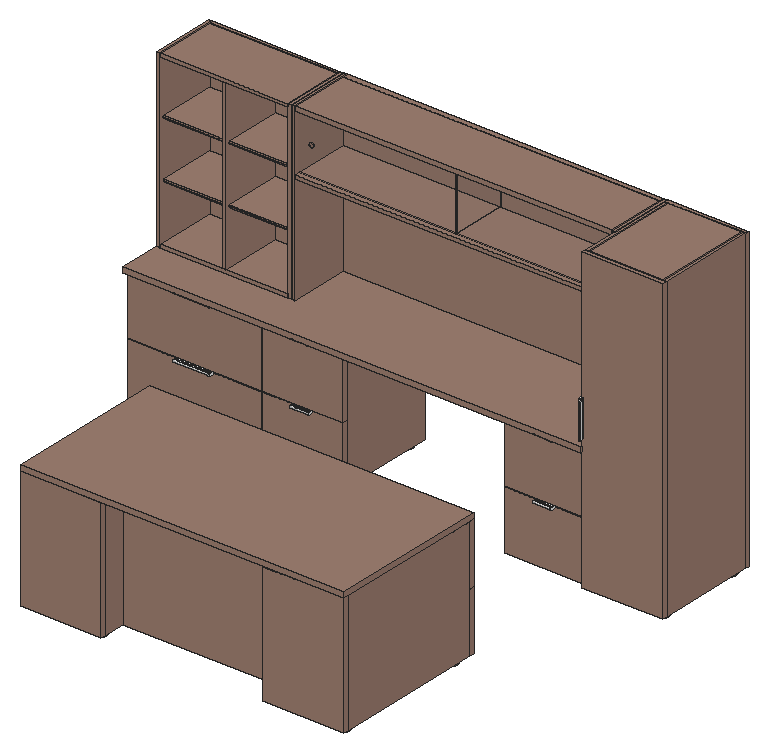
Revit family "APTOS TYPICAL APTOS001", category Furniture, Revit 2013
Parameters (values of type "APTOS001")
  URL = "http://ofsbrands.com"
  Model = "APTOS001"
  Manufacturer = "OFS"
  Description = "OFS BRANDS OFS APTOS TYPICAL APTOS001"
  Copyright © = "© OFS BRANDS 2017"
  Catalog = "APTOS http://ofsbrands.com/products/casegoods/private-office/aptos"
  Authoring Version = "Autodesk Revit Architecture 2013"
  Assembly Code = "E2020200"
Reference planes (in)
  plane 1 "Center (Front/Back)": y = 0
  plane 2: z = 0
  plane 3 "Center (Left/Right)": x = 0
Dimensions and locks (in)
  aligned and locked: level to plane 2
Nested families (in)
  nested 1: "APTOS DOUBLE PEDESTAL DESK BREAKFRONT" at (5.9318, -83.875, 0) x (-1, 0, 0) z (0, 0, 1), type "APTOS DOUBLE PEDESTAL DESK BREAKFRONT 72IN Width, 36IN Depth"
  nested 2: "APTOS MODULAR CABINET TOP" at (-9.0682, 12, 0), type "APTOS MODULAR CABINET TOP 102" x 24""
  nested 3: "APTOS WORKSURFACE HEIGHT MODULAR PEDESTAL BOX-BOX-FILE" at (32.9318, 0, 0), type "APTOS WORKSURFACE HEIGHT MODULAR PEDESTAL BOX-BOX-FILE 18W x 24D"
  nested 4: "APTOS WORKSURFACE HEIGHT MODULAR PEDESTAL FILE-FILE 15-18IN" at (-21.0682, 0, 0), type "APTOS WORKSURFACE HEIGHT MODULAR PEDESTAL FILE-FILE 18W x 24D"
  nested 5: "APTOS WORKSURFACE HEIGHT MODULAR PEDESTAL FILE-FILE 30-36IN" at (-45.0682, 0, 0), type "APTOS WORKSURFACE HEIGHT MODULAR PEDESTAL FILE-FILE 30W x 24D"
  nested 6: "APTOS OPEN WORKSURFACE CABINET Center Divider Four Shelves" at (-45.0682, 0, 0), type "APTOS OPEN WORKSURFACE CABINET Center Divider Four Shelves, 30" Wide"
  nested 7: "APTOS TALL STORAGE WITH HINGED DOOR 24IN DEPTH" at (50.93675, 0, 0), type "APTOS TALL STORAGE WITH HINGED DOOR 18" Wide 24" Planning Depth Single Hinged Door Right"
  nested 8: "APTOS HIGHBACK ORGANIZER WITH SLIDING GLASS DOORS Two Sliding Glass Doors" at (5.9318, 0, 0), type "APTOS HIGHBACK ORGANIZER WITH SLIDING GLASS DOORS 72" WIDTH Two Sliding Glass Doors"
    with Tackboard-Toolrail-Tackboard Option no
Definition of nested family "APTOS DOUBLE PEDESTAL DESK BREAKFRONT"
  Parameters (values of type "APTOS DOUBLE PEDESTAL DESK BREAKFRONT 84IN Width, 36IN Depth")
    Width = 84"
    URL = "http://ofsbrands.com"
    Top Posterior Offset = 6"
    Shelf Height = 13 3/16"
    File Module Size = 17 5/8"
    Handle Lenght R = 4 1/8"
    Handle Lenght L = 4 1/8"
    Drawer Gap = 1/8"
    Door Handle Material = OFS BRANDS APTOS Door Handle Material
    Board Thick Top = 1 3/16"
    Board Thick Door = 1 1/8"
    Depth = 36"
    Board Material = OFS BRANDS APTOS Board Material
    Model = "34-8436DPFT"
    Manufacturer = "OFS"
    Leg Caps Material = OFS BRANDS APTOS Leg Caps Material
    Leg Offset = 2"
    Board Thick Internal = 3/4"
    Height = 29 1/2"
    Description = "OFS BRANDS OFS APTOS DOUBLE PEDESTAL DESK BREAKFRONT 84IN Width, 36IN Depth, Modesty Panel Recessed 5\" Between Pedestals, 18\" Wide Pedestals"
    Copyright © = "© OFS BRANDS 2017"
    Catalog = "APTOS http://ofsbrands.com/products/casegoods/private-office/aptos"
    Bottom Board Offset = 1 1/2"
    Board Thick Bot = 1"
    Board Thick Shelfs = 1"
    Board Thick Sides = 3/4"
    Board Thick Front = 3/4"
    Board Thick Back = 1"
    Authoring Version = "Autodesk Revit Architecture 2013"
    Assembly Code = "E2020200"
  Types (6): name | Width | File Module Size | Depth | Model | Description
    (no name) | 84" | 17 5/8" | 36" | "34-8436DPFT" | "OFS BRANDS OFS APTOS DOUBLE PEDESTAL DESK BREAKFRONT 84IN Width, 36IN Depth, Modesty Panel Recessed 5\" Between Pedestals, 18\" Wide Pedestals"
    APTOS DOUBLE PEDESTAL DESK BREAKFRONT 66IN Width, 30IN Depth | 66" | 14 5/8" | 30" | "34-6630DPFT" | "OFS BRANDS OFS APTOS DOUBLE PEDESTAL DESK BREAKFRONT 66IN Width, 30IN Depth, Modesty Panel Recessed 5\" Between Pedestals, 15\" Wide Pedestals"
    APTOS DOUBLE PEDESTAL DESK BREAKFRONT 66IN Width, 36IN Depth | 66" | 14 5/8" | 36" | "34-6636DPFT" | "OFS BRANDS OFS APTOS DOUBLE PEDESTAL DESK BREAKFRONT 66IN Width, 36IN Depth, Modesty Panel Recessed 5\" Between Pedestals, 15\" Wide Pedestals"
    APTOS DOUBLE PEDESTAL DESK BREAKFRONT 72IN Width, 30IN Depth | 72" | 17 5/8" | 30" | "34-7230DPFT" | "OFS BRANDS OFS APTOS DOUBLE PEDESTAL DESK BREAKFRONT 72IN Width, 30IN Depth, Modesty Panel Recessed 5\" Between Pedestals, 18\" Wide Pedestals"
    APTOS DOUBLE PEDESTAL DESK BREAKFRONT 72IN Width, 36IN Depth | 72" | 17 5/8" | 36" | "34-7236DPFT" | "OFS BRANDS OFS APTOS DOUBLE PEDESTAL DESK BREAKFRONT 72IN Width, 36IN Depth, Modesty Panel Recessed 5\" Between Pedestals, 18\" Wide Pedestals"
    APTOS DOUBLE PEDESTAL DESK BREAKFRONT 84IN Width, 36IN Depth | 84" | 17 5/8" | 36" | "34-8436DPFT" | "OFS BRANDS OFS APTOS DOUBLE PEDESTAL DESK BREAKFRONT 84IN Width, 36IN Depth, Modesty Panel Recessed 5\" Between Pedestals, 18\" Wide Pedestals"
  Reference planes (in)
    plane 1 "Center": y = 0
    plane 2: z = 0
    plane 3 "Center Left/Right": x = 0
    plane 4 "Left End": x = -42
    plane 5 "Front End": y = -28.875
    plane 6 "Right End": x = 42
    plane 7 "Center Front/Back": y = 6
    plane 8 "Height Top": z = 29.5
    plane 9: x = -41.25
    plane 10: x = 41.25
    plane 11: z = 14.6875
    plane 12: z = 15.6875
    plane 13: z = 28.3125
    plane 14: z = 1.5
    plane 15: z = 2.5
    plane 16: y = -28.125
    plane 17: y = 4
    plane 18: y = -26.875
    plane 19: y = -26.875
    plane 20: x = 40
    plane 21: x = 40
    plane 22: x = -40
    plane 23: y = -30
    plane 24: z = 14.8125
    plane 25: x = 33
    plane 26: x = 30.9375
    plane 27: x = 35.0625
    plane 28: y = -1
    plane 29: x = 24.375
    plane 30: x = 24
    plane 31: x = 24.75
    plane 32: x = 24.3125
    plane 33: x = 24.4375
    plane 34: x = 26
    plane 35: x = -24.375
    plane 36: x = -24
    plane 37: x = -24.75
    plane 38: x = -24.3125
    plane 39: x = -24.4375
    plane 40: x = -33
    plane 41: x = -30.9375
    plane 42: x = -35.0625
    plane 43: x = -26
    plane 44: x = -40
    plane 45: y = 5
  Forms (in)
    Extrusion 1, solid, material "OFS BRANDS APTOS Board Material" <- "Board Material"
      sketch origin (0, 0, 0) x (1, 0, 0) y (0, 1, 0)
        loop
          line (-42, 5) -> (-42, -28.875) -> (-41.25, -28.875) -> (-41.25, 5) -> (-42, 5)
      from 1.5 to 28.3125
    Extrusion 2, solid, material "OFS BRANDS APTOS Board Material" <- "Board Material"
      sketch origin (0, 0, 0) x (-1, 0, 0) y (0, -1, 0)
        loop
          line (-42, -5) -> (-41.25, -5) -> (-41.25, 28.875) -> (-42, 28.875) -> (-42, -5)
      from 1.5 to 28.3125
    Extrusion 3, solid, material "OFS BRANDS APTOS Board Material" <- "Board Material"
      sketch origin (0, 0, 0) x (1, 0, 0) y (0, 1, 0)
        loop
          line (24.75, 5) -> (24.75, -28.875) -> (41.25, -28.875) -> (41.25, 5) -> (24.75, 5)
      from 1.5 to 2.5
    Extrusion 4, solid, material "OFS BRANDS APTOS Board Material" <- "Board Material"
      sketch origin (0, 0, 0) x (1, 0, 0) y (0, 1, 0)
        loop
          line (-42, 6) -> (-42, -30) -> (42, -30) -> (42, 6) -> (-42, 6)
      from 28.3125 to 29.5
    Extrusion 5, solid, material "OFS BRANDS APTOS Board Material" <- "Board Material"
      sketch origin (0, 0, 0) x (1, 0, 0) y (0, 1, 0)
        loop
          line (24, 5) -> (24, -28.875) -> (24.75, -28.875) -> (24.75, 5) -> (24, 5)
      from 1.5 to 28.3125
    Extrusion 6, solid, material "OFS BRANDS APTOS Board Material" <- "Board Material"
      sketch origin (0, 27.875, 0) x (1, 0, 0) y (0, 1, 0)
        loop
          line (-24, -27.875) -> (-24, -28.875) -> (24, -28.875) -> (24, -27.875) -> (-24, -27.875)
      from 1.5 to 28.3125
    Extrusion 7, solid, material "OFS BRANDS APTOS Board Material" <- "Board Material"
      sketch origin (-18, 0, 0) x (-1, 0, 0) y (0, -1, 0)
        loop
          line (-42, 28.875) -> (-42, 30) -> (-60, 30) -> (-60, 28.875) -> (-42, 28.875)
      from 14.8125 to 28.3125
    Extrusion 8, solid, material "OFS BRANDS APTOS Board Material" <- "Board Material"
      sketch origin (-18, 0, 0) x (-1, 0, 0) y (0, -1, 0)
        loop
          line (-42, 28.875) -> (-42, 30) -> (-60, 30) -> (-60, 28.875) -> (-42, 28.875)
      from 1.5 to 14.6875
    Extrusion 9, solid, material "OFS BRANDS APTOS Door Handle Material" <- "Door Handle Material"
      sketch origin (-16.91963, 5.64442, 4.60983) x (0, 1, 0) y (0, 0, 1)
        loop
          arc (-36.44863, 23.6997) -> (-36.63506, 23.51326) -> (-36.44863, 23.32683) r 0.18644
          arc (-36.44863, 23.32683) -> (-36.36853, 23.33163) -> (-36.28958, 23.34598) r 0.66994
          arc (-36.28958, 23.34598) -> (-36.06672, 23.37235) -> (-35.84329, 23.35136) r 1.06313
          arc (-35.84329, 23.35136) -> (-35.74437, 23.33542) -> (-35.64442, 23.32859) r 1.09565
          line (-35.64442, 23.32859) -> (-35.64442, 23.70267)
          arc (-35.64442, 23.70267) -> (-35.74808, 23.68819) -> (-35.84998, 23.66424) r 1.13704
          arc (-35.84998, 23.66424) -> (-36.0702, 23.64265) -> (-36.28958, 23.67164) r 0.9681
          arc (-36.28958, 23.67164) -> (-36.36779, 23.69313) -> (-36.44863, 23.6997) r 0.43385
      from 47.85713 to 51.98213
    Extrusion 10, solid, material "OFS BRANDS APTOS Door Handle Material" <- "Door Handle Material"
      sketch origin (-16.91963, 5.64442, -1.95267) x (0, 1, 0) y (0, 0, 1)
        loop
          arc (-36.44863, 16.6372) -> (-36.63506, 16.45076) -> (-36.44863, 16.26433) r 0.18644
          arc (-36.44863, 16.26433) -> (-36.36853, 16.26913) -> (-36.28958, 16.28348) r 0.66994
          arc (-36.28958, 16.28348) -> (-36.06675, 16.31125) -> (-35.84329, 16.28915) r 1.01098
          arc (-35.84329, 16.28915) -> (-35.74439, 16.27301) -> (-35.64442, 16.26609) r 1.08212
          line (-35.64442, 16.26609) -> (-35.64442, 16.64017)
          arc (-35.64442, 16.64017) -> (-35.74475, 16.62561) -> (-35.84329, 16.60174) r 1.08374
          arc (-35.84329, 16.60174) -> (-36.06697, 16.57316) -> (-36.28958, 16.60914) r 0.78757
          arc (-36.28958, 16.60914) -> (-36.36779, 16.63063) -> (-36.44863, 16.6372) r 0.43385
      from 47.85713 to 51.98213
    Revolve 11, solid, material "OFS BRANDS APTOS Leg Caps Material" <- "Leg Caps Material"
      sketch origin (40, -34, 0) x (0, 1, 0) y (0, 0, -1)
        loop
          line (36, -0.28743) -> (36, -1.5) -> (37, -1.5) -> (37, 0) -> (36.5, 0)
          arc (36.5, 0) -> (36.35629, -0.14371) -> (36.5, -0.28743) r 0.14371
          line (36.5, -0.28743) -> (36, -0.28743)
        axis (37, -1.5) -> (37, 0)
      angle from 0 to 360
    Revolve 12, solid, material "OFS BRANDS APTOS Leg Caps Material" <- "Leg Caps Material"
      sketch origin (40, -51.875, 0) x (0, 1, 0) y (0, 0, 1)
        loop
          line (24, 0.28743) -> (24.5, 0.28743)
          arc (24.5, 0.28743) -> (24.35629, 0.14371) -> (24.5, 0) r 0.14371
          line (24.5, 0) -> (25, 0) -> (25, 1.5) -> (24, 1.5) -> (24, 0.28743)
        axis (25, 1.5) -> (25, 0)
      angle from 0 to 360
    Revolve 13, solid, material "OFS BRANDS APTOS Leg Caps Material" <- "Leg Caps Material"
      sketch origin (26, 28, 0) x (0, -1, 0) y (0, 0, 1)
        loop
          line (24, 0.28743) -> (24.5, 0.28743)
          arc (24.5, 0.28743) -> (24.35629, 0.14371) -> (24.5, 0) r 0.14371
          line (24.5, 0) -> (25, 0) -> (25, 1.5) -> (24, 1.5) -> (24, 0.28743)
        axis (25, 1.5) -> (25, 0)
      angle from 0 to 360
    Revolve 14, solid, material "OFS BRANDS APTOS Leg Caps Material" <- "Leg Caps Material"
      sketch origin (26, 13.125, 0) x (0, -1, 0) y (0, 0, -1)
        loop
          line (39, -0.28743) -> (39, -1.5) -> (40, -1.5) -> (40, 0) -> (39.5, 0)
          arc (39.5, 0) -> (39.35629, -0.14371) -> (39.5, -0.28743) r 0.14371
          line (39.5, -0.28743) -> (39, -0.28743)
        axis (40, -1.5) -> (40, 0)
      angle from 0 to 360
    Extrusion 15, solid, material "OFS BRANDS APTOS Board Material" <- "Board Material"
      sketch origin (0, 0, 0) x (-1, 0, 0) y (0, -1, 0)
        loop
          line (24, -5) -> (24.75, -5) -> (24.75, 28.875) -> (24, 28.875) -> (24, -5)
      from 1.5 to 28.3125
    Revolve 16, solid, material "OFS BRANDS APTOS Leg Caps Material" <- "Leg Caps Material"
      sketch origin (-26, 28, 0) x (0, -1, 0) y (0, 0, -1)
        loop
          line (24, -0.28743) -> (24, -1.5) -> (25, -1.5) -> (25, 0) -> (24.5, 0)
          arc (24.5, 0) -> (24.35629, -0.14371) -> (24.5, -0.28743) r 0.14371
          line (24.5, -0.28743) -> (24, -0.28743)
        axis (25, -1.5) -> (25, 0)
      angle from 0 to 360
    Revolve 17, solid, material "OFS BRANDS APTOS Leg Caps Material" <- "Leg Caps Material"
      sketch origin (-26, 13.125, 0) x (0, -1, 0) y (0, 0, 1)
        loop
          line (39, 0.28743) -> (39.5, 0.28743)
          arc (39.5, 0.28743) -> (39.35629, 0.14371) -> (39.5, 0) r 0.14371
          line (39.5, 0) -> (40, 0) -> (40, 1.5) -> (39, 1.5) -> (39, 0.28743)
        axis (40, 1.5) -> (40, 0)
      angle from 0 to 360
    Revolve 18, solid, material "OFS BRANDS APTOS Leg Caps Material" <- "Leg Caps Material"
      sketch origin (-40, -34, 0) x (0, 1, 0) y (0, 0, 1)
        loop
          line (36, 0.28743) -> (36.5, 0.28743)
          arc (36.5, 0.28743) -> (36.35629, 0.14371) -> (36.5, 0) r 0.14371
          line (36.5, 0) -> (37, 0) -> (37, 1.5) -> (36, 1.5) -> (36, 0.28743)
        axis (37, 1.5) -> (37, 0)
      angle from 0 to 360
    Revolve 19, solid, material "OFS BRANDS APTOS Leg Caps Material" <- "Leg Caps Material"
      sketch origin (-40, -51.875, 0) x (0, 1, 0) y (0, 0, -1)
        loop
          line (24, -0.28743) -> (24, -1.5) -> (25, -1.5) -> (25, 0) -> (24.5, 0)
          arc (24.5, 0) -> (24.35629, -0.14371) -> (24.5, -0.28743) r 0.14371
          line (24.5, -0.28743) -> (24, -0.28743)
        axis (25, -1.5) -> (25, 0)
      angle from 0 to 360
    Extrusion 20, solid, material "OFS BRANDS APTOS Board Material" <- "Board Material"
      sketch origin (18, 0, 0) x (1, 0, 0) y (0, 1, 0)
        loop
          line (-42, -28.875) -> (-60, -28.875) -> (-60, -30) -> (-42, -30) -> (-42, -28.875)
      from 14.8125 to 28.3125
    Extrusion 21, solid, material "OFS BRANDS APTOS Board Material" <- "Board Material"
      sketch origin (18, 0, 0) x (1, 0, 0) y (0, 1, 0)
        loop
          line (-42, -28.875) -> (-60, -28.875) -> (-60, -30) -> (-42, -30) -> (-42, -28.875)
      from 1.5 to 14.6875
    Extrusion 22, solid, material "OFS BRANDS APTOS Door Handle Material" <- "Door Handle Material"
      sketch origin (16.91963, 5.64442, 4.60983) x (0, 1, 0) y (0, 0, -1)
        loop
          arc (-36.44863, -23.6997) -> (-36.36779, -23.69313) -> (-36.28958, -23.67164) r 0.43385
          arc (-36.28958, -23.67164) -> (-36.0702, -23.64265) -> (-35.84998, -23.66424) r 0.9681
          arc (-35.84998, -23.66424) -> (-35.74808, -23.68819) -> (-35.64442, -23.70267) r 1.13704
          line (-35.64442, -23.70267) -> (-35.64442, -23.32859)
          arc (-35.64442, -23.32859) -> (-35.74437, -23.33542) -> (-35.84329, -23.35136) r 1.09565
          arc (-35.84329, -23.35136) -> (-36.06672, -23.37235) -> (-36.28958, -23.34598) r 1.06313
          arc (-36.28958, -23.34598) -> (-36.36853, -23.33163) -> (-36.44863, -23.32683) r 0.66994
          arc (-36.44863, -23.32683) -> (-36.63506, -23.51326) -> (-36.44863, -23.6997) r 0.18644
      from 47.85713 to 51.98213
    Extrusion 23, solid, material "OFS BRANDS APTOS Door Handle Material" <- "Door Handle Material"
      sketch origin (16.91963, 5.64442, -1.95267) x (0, 1, 0) y (0, 0, -1)
        loop
          arc (-36.44863, -16.6372) -> (-36.36779, -16.63063) -> (-36.28958, -16.60914) r 0.43385
          arc (-36.28958, -16.60914) -> (-36.06697, -16.57316) -> (-35.84329, -16.60174) r 0.78757
          arc (-35.84329, -16.60174) -> (-35.74475, -16.62561) -> (-35.64442, -16.64017) r 1.08374
          line (-35.64442, -16.64017) -> (-35.64442, -16.26609)
          arc (-35.64442, -16.26609) -> (-35.74439, -16.27301) -> (-35.84329, -16.28915) r 1.08212
          arc (-35.84329, -16.28915) -> (-36.06675, -16.31125) -> (-36.28958, -16.28348) r 1.01098
          arc (-36.28958, -16.28348) -> (-36.36853, -16.26913) -> (-36.44863, -16.26433) r 0.66994
          arc (-36.44863, -16.26433) -> (-36.63506, -16.45076) -> (-36.44863, -16.6372) r 0.18644
      from 47.85713 to 51.98213
    Extrusion 24, solid, material "OFS BRANDS APTOS Board Material" <- "Board Material"
      sketch origin (0, 0, 0) x (-1, 0, 0) y (0, -1, 0)
        loop
          line (24.75, -5) -> (41.25, -5) -> (41.25, 28.875) -> (24.75, 28.875) -> (24.75, -5)
      from 1.5 to 2.5
    Extrusion 25, solid, material "OFS BRANDS APTOS Board Material" <- "Board Material"
      sketch origin (0, 42.125, 0) x (1, 0, 0) y (0, 1, 0)
        loop
          line (-42, -36.125) -> (-42, -37.125) -> (-24, -37.125) -> (-24, -36.125) -> (-42, -36.125)
      from 1.5 to 28.3125
    Extrusion 26, solid, material "OFS BRANDS APTOS Board Material" <- "Board Material"
      sketch origin (52, 42.125, 0) x (1, 0, 0) y (0, 1, 0)
        loop
          line (-28, -36.125) -> (-28, -37.125) -> (-10, -37.125) -> (-10, -36.125) -> (-28, -36.125)
      from 1.5 to 28.3125
  Dimensions and locks (in)
    equal spacing: plane 4 "Left End", plane 3 "Center Left/Right", plane 6 "Right End"
    "Width": plane 4 "Left End" to plane 6 "Right End"
    "Height": plane 8 "Height Top" to level
    "Board Thick Sides": plane 4 "Left End" to plane 9
    "Board Thick Sides": plane 10 to plane 6 "Right End"
    "Board Thick Top": plane 8 "Height Top" to plane 13
    "Board Thick Shelfs": plane 12 to plane 11
    "Board Thick Bot": plane 15 to plane 14
    "Bottom Board Offset": plane 14 to level
    "Board Thick Front": plane 16 to plane 5 "Front End"
    "Leg Offset": plane 18 to plane 5 "Front End"
    "Leg Offset": plane 19 to plane 5 "Front End"
    "Leg Offset": plane 17 to plane 7 "Center Front/Back"
    "Leg Offset": plane 20 to plane 6 "Right End"
    "Leg Offset": plane 21 to plane 6 "Right End"
    "Leg Offset": plane 4 "Left End" to plane 22
    "Board Thick Door": plane 23 to plane 5 "Front End"
    "Shelf Height": plane 12 to plane 15
    "Drawer Gap": plane 24 to plane 11
    equal spacing: plane 26, plane 25, plane 27
    "Handle Lenght R": plane 26 to plane 27
    "Board Thick Back": plane 28 to plane 1 "Center"
    "Depth": plane 23 to plane 7 "Center Front/Back"
    "Board Thick Internal": plane 30 to plane 31
    equal spacing: plane 30, plane 29, plane 31
    "File Module Size": plane 29 to plane 6 "Right End"
    equal spacing: plane 31, plane 25, plane 10
    equal spacing: plane 32, plane 29, plane 33
    "Drawer Gap": plane 32 to plane 33
    plane 21 to plane 6 "Right End" = 2"
    "Leg Offset": plane 30 to plane 34
    "Board Thick Internal": plane 36 to plane 37
    equal spacing: plane 36, plane 35, plane 37
    "File Module Size": plane 35 to plane 4 "Left End"
    equal spacing: plane 38, plane 35, plane 39
    "Drawer Gap": plane 38 to plane 39
    equal spacing: plane 41, plane 40, plane 42
    "Handle Lenght R": plane 41 to plane 42
    equal spacing: plane 37, plane 40, plane 9
    "Leg Offset": plane 36 to plane 43
    "Leg Offset": plane 44 to plane 4 "Left End"
    "Top Posterior Offset": plane 1 "Center" to plane 7 "Center Front/Back"
    "Board Thick Back": plane 7 "Center Front/Back" to plane 45
    aligned and locked: level to plane 2
    aligned and locked: plane 5 "Front End" to Extrusion 1 sketch curve
    aligned and locked: Extrusion 1 sketch curve to plane 4 "Left End"
    aligned and locked: Extrusion 2 to plane 6 "Right End"
    aligned and locked: plane 14 to Extrusion 2
    aligned and locked: Extrusion 5 to plane 5 "Front End"
    aligned and locked: Extrusion 6 to plane 14
    aligned and locked: Extrusion 5 to plane 13
    aligned and locked: Extrusion 6 to plane 13
    aligned and locked: Extrusion 2 to plane 13
    aligned and locked: Extrusion 4 to plane 23
    aligned and locked: Extrusion 4 to plane 6 "Right End"
    aligned and locked: Extrusion 4 to plane 4 "Left End"
    aligned and locked: Extrusion 4 to plane 8 "Height Top"
    aligned and locked: Extrusion 4 to plane 13
    aligned and locked: Extrusion 6 to plane 28
    aligned and locked: Extrusion 6 to plane 1 "Center"
    aligned and locked: Extrusion 5 to plane 31
    aligned and locked: Extrusion 5 to plane 30
    aligned and locked: plane 24 to Extrusion 7
    aligned and locked: Extrusion 7 to plane 13
    aligned and locked: Extrusion 8 to plane 11
    aligned and locked: plane 14 to Extrusion 8
    aligned and locked: Extrusion 5 to plane 14
    aligned and locked: plane 34 to Revolve 13
    aligned and locked: Revolve 14 to plane 34
    aligned and locked: plane 10 to Extrusion 2
    aligned and locked: plane 5 "Front End" to Extrusion 2
    aligned and locked: Extrusion 7 to plane 6 "Right End"
    aligned and locked: Extrusion 8 to plane 6 "Right End"
    aligned and locked: plane 30 to Extrusion 8
    aligned and locked: plane 30 to Extrusion 7
    aligned and locked: Extrusion 10 to plane 27
    aligned and locked: Extrusion 9 to plane 27
    aligned and locked: plane 26 to Extrusion 10
    aligned and locked: plane 26 to Extrusion 9
    aligned and locked: Extrusion 3 to plane 31
    aligned and locked: Extrusion 3 to plane 10
    aligned and locked: Revolve 12 to plane 20
    aligned and locked: plane 20 to Revolve 11
    aligned and locked: Extrusion 15 to plane 36
    aligned and locked: Extrusion 15 to plane 37
    aligned and locked: plane 43 to Revolve 16
    aligned and locked: Revolve 17 to plane 43
    aligned and locked: Extrusion 1 to plane 9
    aligned and locked: Revolve 19 to plane 44
    aligned and locked: Extrusion 22 to plane 41
    aligned and locked: Extrusion 23 to plane 41
    aligned and locked: plane 42 to Extrusion 22
    aligned and locked: plane 42 to Extrusion 23
    aligned and locked: Revolve 18 to plane 44
    aligned and locked: Extrusion 4 to plane 7 "Center Front/Back"
    aligned and locked: Extrusion 25 to plane 45
    aligned and locked: Extrusion 25 to plane 7 "Center Front/Back"
    aligned and locked: Extrusion 25 to plane 4 "Left End"
    aligned and locked: plane 36 to Extrusion 25
    aligned and locked: plane 36 to Extrusion 6
    aligned and locked: plane 30 to Extrusion 6
    aligned and locked: plane 45 to Extrusion 24
    aligned and locked: Extrusion 3 to plane 45
    aligned and locked: Extrusion 5 to plane 45
    aligned and locked: Extrusion 2 to plane 45
    aligned and locked: plane 45 to Extrusion 15
    aligned and locked: plane 45 to Extrusion 1
    aligned and locked: plane 45 to Extrusion 26
    aligned and locked: Extrusion 26 to plane 7 "Center Front/Back"
    aligned and locked: Extrusion 26 to plane 6 "Right End"
    aligned and locked: Extrusion 26 to plane 30
  Automatic sketch dimensions
    Extrusion 1 sketch curve to plane 9 = 0"
    Extrusion 1 sketch curve to plane 45 = 0"
    plane 5 "Front End" to Extrusion 2 sketch curve = 0"
    Extrusion 2 sketch curve to plane 6 "Right End" = 0"
    Extrusion 2 sketch curve to plane 10 = 0"
    plane 45 to Extrusion 2 sketch curve = 0"
    Extrusion 3 sketch curve to plane 5 "Front End" = 0"
    Extrusion 3 sketch curve to plane 31 = 0"
    Extrusion 3 sketch curve to plane 10 = 0"
    plane 45 to Extrusion 3 sketch curve = 0"
    Extrusion 4 sketch curve to plane 4 "Left End" = 0"
    Extrusion 4 sketch curve to plane 6 "Right End" = 0"
    Extrusion 4 sketch curve to plane 23 = 0"
    plane 7 "Center Front/Back" to Extrusion 4 sketch curve = 0"
    Extrusion 5 sketch curve to plane 5 "Front End" = 0"
    Extrusion 5 sketch curve to plane 30 = 0"
    Extrusion 5 sketch curve to plane 31 = 0"
    plane 45 to Extrusion 5 sketch curve = 0"
    Extrusion 6 sketch curve to plane 28 = 0"
    Extrusion 6 sketch curve to plane 36 = 0"
    Extrusion 6 sketch curve to plane 30 = 0"
    plane 1 "Center" to Extrusion 6 sketch curve = 0"
    plane 5 "Front End" to Extrusion 7 sketch curve = 0"
    Extrusion 7 sketch curve to plane 6 "Right End" = 0"
    plane 23 to Extrusion 7 sketch curve = 0"
    Extrusion 7 sketch curve to plane 30 = 0"
    plane 5 "Front End" to Extrusion 8 sketch curve = 0"
    Extrusion 8 sketch curve to plane 6 "Right End" = 0"
    plane 23 to Extrusion 8 sketch curve = 0"
    Extrusion 8 sketch curve to plane 30 = 0"
    Extrusion 9 sketch curve to plane 13 = 0"
    Extrusion 9 sketch curve to plane 23 = 0"
    Extrusion 9 sketch curve to plane 13 = 0.37408"
    plane 23 to Extrusion 9 sketch curve = 0.80421"
    Extrusion 9 sketch curve to Extrusion 9 sketch curve = 0.00546"
    Extrusion 9 sketch curve to Extrusion 9 sketch curve = 0.15905"  (x2)
    plane 23 to Extrusion 9 sketch curve = 0.4095"  (x2)
    Extrusion 9 sketch curve to plane 13 = 0.03843"
    plane 23 to Extrusion 9 sketch curve = 0.20556"
    plane 23 to Extrusion 9 sketch curve = 0.19887"
    Extrusion 9 sketch curve to plane 23 = 0.02468"
    Extrusion 9 sketch curve to plane 23 = 0.10528"
    Extrusion 9 sketch curve to Extrusion 9 sketch curve = 0.2612"
    Extrusion 9 sketch curve to plane 13 = 0.43678"
    Extrusion 9 sketch curve to Extrusion 9 sketch curve = 0.06095"
    Extrusion 9 sketch curve to Extrusion 9 sketch curve = 0"
    Extrusion 9 sketch curve to Extrusion 9 sketch curve = 0.01915"
    Extrusion 9 sketch curve to Extrusion 9 sketch curve = 0.18644"
    Extrusion 10 sketch curve to plane 11 = 0"
    Extrusion 10 sketch curve to plane 23 = 0"
    Extrusion 10 sketch curve to plane 11 = 0.37408"
    plane 23 to Extrusion 10 sketch curve = 0.80421"
    Extrusion 10 sketch curve to Extrusion 10 sketch curve = 0.00546"
    Extrusion 10 sketch curve to plane 11 = 0.03103"
    Extrusion 10 sketch curve to Extrusion 10 sketch curve = 0.15905"  (x2)
    plane 23 to Extrusion 10 sketch curve = 0.4095"  (x2)
    Extrusion 10 sketch curve to plane 12 = 0.27955"
    Extrusion 10 sketch curve to plane 11 = 0.03843"
    plane 23 to Extrusion 10 sketch curve = 0.19887"
    Extrusion 10 sketch curve to plane 23 = 0.02468"
    Extrusion 10 sketch curve to plane 23 = 0.10528"
    Extrusion 10 sketch curve to Extrusion 10 sketch curve = 0.2612"
    Extrusion 10 sketch curve to Extrusion 10 sketch curve = 0.40575"
    Extrusion 10 sketch curve to Extrusion 10 sketch curve = 0.06095"
    Extrusion 10 sketch curve to Extrusion 10 sketch curve = 0"
    Extrusion 10 sketch curve to Extrusion 10 sketch curve = 0.01915"
    Revolve 11 sketch curve to plane 14 = 0"
    Revolve 11 sketch curve to level = 0"
    level to Revolve 11 sketch curve = 0.28743"
    Revolve 11 sketch curve to plane 17 = 2"
    Revolve 11 sketch curve to Revolve 11 sketch curve = 1/2"  (x2)
    Revolve 11 sketch curve to Revolve 11 sketch curve = 0"  (x3)
    Revolve 11 sketch curve to plane 15 = 1/4"
    Revolve 11 sketch curve to level = 1/2"
    Revolve 12 sketch curve to plane 14 = 0"
    Revolve 12 sketch curve to level = 0"
    Revolve 12 sketch curve to plane 18 = 0"  (x2)
    level to Revolve 12 sketch curve = 0.28743"
    plane 18 to Revolve 12 sketch curve = 1/2"
    Revolve 12 sketch curve to plane 16 = 1/4"
    Revolve 12 sketch curve to Revolve 12 sketch curve = 0"
    Revolve 12 sketch curve to Revolve 12 sketch curve = 1/2"
    level to Revolve 12 sketch curve = 0.14371"
    Revolve 12 sketch curve to plane 15 = 1/4"
    Revolve 13 sketch curve to plane 17 = 0"
    Revolve 13 sketch curve to level = 0"
    Revolve 13 sketch curve to plane 14 = 0"
    level to Revolve 13 sketch curve = 0.28743"
    Revolve 13 sketch curve to plane 17 = 1/2"
    Revolve 13 sketch curve to Revolve 13 sketch curve = 1/2"  (x2)
    Revolve 13 sketch curve to Revolve 13 sketch curve = 0"  (x2)
    level to Revolve 13 sketch curve = 0.14371"
    Revolve 13 sketch curve to plane 15 = 1/4"
    Revolve 14 sketch curve to plane 14 = 0"
    Revolve 14 sketch curve to level = 0"
    Revolve 14 sketch curve to plane 18 = 0"  (x2)
    level to Revolve 14 sketch curve = 0.28743"
    Revolve 14 sketch curve to plane 18 = 1/2"
    Revolve 14 sketch curve to Revolve 14 sketch curve = 1/2"
    Revolve 14 sketch curve to Revolve 14 sketch curve = 0"  (x2)
    Revolve 14 sketch curve to plane 15 = 1/4"
    Revolve 14 sketch curve to level = 1/2"
    Extrusion 15 sketch curve to plane 5 "Front End" = 0"
    Extrusion 15 sketch curve to plane 36 = 0"
    Extrusion 15 sketch curve to plane 37 = 0"
    Extrusion 15 sketch curve to plane 45 = 0"
    Revolve 16 sketch curve to plane 17 = 0"
    Revolve 16 sketch curve to level = 0"
    Revolve 16 sketch curve to plane 14 = 0"
    level to Revolve 16 sketch curve = 0.28743"
    Revolve 16 sketch curve to plane 17 = 1/2"
    Revolve 16 sketch curve to Revolve 16 sketch curve = 1/2"  (x2)
    Revolve 16 sketch curve to Revolve 16 sketch curve = 0"  (x3)
    Revolve 16 sketch curve to plane 15 = 1/4"
    Revolve 17 sketch curve to plane 14 = 0"
    Revolve 17 sketch curve to level = 0"
    Revolve 17 sketch curve to plane 18 = 0"  (x2)
    level to Revolve 17 sketch curve = 0.28743"
    Revolve 17 sketch curve to Revolve 17 sketch curve = 1/2"  (x3)
    Revolve 17 sketch curve to Revolve 17 sketch curve = 0"
    Revolve 17 sketch curve to Revolve 17 sketch curve = 0.14371"
    Revolve 17 sketch curve to plane 15 = 1/4"
    Revolve 18 sketch curve to plane 14 = 0"
    Revolve 18 sketch curve to level = 0"
    level to Revolve 18 sketch curve = 0.28743"
    Revolve 18 sketch curve to plane 17 = 2"
    Revolve 18 sketch curve to Revolve 18 sketch curve = 1/2"  (x3)
    Revolve 18 sketch curve to Revolve 18 sketch curve = 0"  (x2)
    Revolve 18 sketch curve to Revolve 18 sketch curve = 0.14371"
    Revolve 18 sketch curve to plane 15 = 1/4"
    Revolve 19 sketch curve to plane 14 = 0"
    Revolve 19 sketch curve to level = 0"
    Revolve 19 sketch curve to plane 18 = 0"  (x2)
    level to Revolve 19 sketch curve = 0.28743"
    plane 18 to Revolve 19 sketch curve = 1/2"
    Revolve 19 sketch curve to plane 16 = 1/4"
    Revolve 19 sketch curve to Revolve 19 sketch curve = 0"  (x2)
    Revolve 19 sketch curve to plane 15 = 1/4"
    Revolve 19 sketch curve to level = 1/2"
    Extrusion 20 sketch curve to plane 4 "Left End" = 0"
    Extrusion 20 sketch curve to plane 23 = 0"
    Extrusion 20 sketch curve to plane 36 = 0"
    Extrusion 20 sketch curve to plane 5 "Front End" = 0"
    Extrusion 21 sketch curve to plane 4 "Left End" = 0"
    Extrusion 21 sketch curve to plane 23 = 0"
    Extrusion 21 sketch curve to plane 36 = 0"
    Extrusion 21 sketch curve to plane 5 "Front End" = 0"
    Extrusion 22 sketch curve to plane 13 = 0"
    Extrusion 22 sketch curve to plane 23 = 0"
    Extrusion 22 sketch curve to plane 13 = 0.37408"
    plane 23 to Extrusion 22 sketch curve = 0.80421"
    Extrusion 22 sketch curve to Extrusion 22 sketch curve = 0.00546"
    Extrusion 22 sketch curve to Extrusion 22 sketch curve = 0.15905"  (x2)
    plane 23 to Extrusion 22 sketch curve = 0.4095"  (x2)
    Extrusion 22 sketch curve to plane 13 = 0.03843"
    plane 23 to Extrusion 22 sketch curve = 0.20556"
    plane 23 to Extrusion 22 sketch curve = 0.19887"
    Extrusion 22 sketch curve to plane 23 = 0.02468"
    Extrusion 22 sketch curve to plane 23 = 0.10528"
    Extrusion 22 sketch curve to plane 8 "Height Top" = 0.27955"
    Extrusion 22 sketch curve to plane 8 "Height Top" = 0.4662"
    plane 13 to Extrusion 22 sketch curve = 0.2941"
    Extrusion 22 sketch curve to plane 13 = 0.00297"
    Extrusion 22 sketch curve to Extrusion 22 sketch curve = 0.18644"
    Extrusion 22 sketch curve to Extrusion 22 sketch curve = 0.01915"
    Extrusion 23 sketch curve to plane 11 = 0"
    Extrusion 23 sketch curve to plane 23 = 0"
    Extrusion 23 sketch curve to plane 11 = 0.37408"
    plane 23 to Extrusion 23 sketch curve = 0.80421"
    Extrusion 23 sketch curve to Extrusion 23 sketch curve = 0.00546"
    Extrusion 23 sketch curve to plane 11 = 0.03103"
    Extrusion 23 sketch curve to Extrusion 23 sketch curve = 0.15905"  (x2)
    plane 23 to Extrusion 23 sketch curve = 0.4095"  (x2)
    Extrusion 23 sketch curve to plane 12 = 0.27955"
    Extrusion 23 sketch curve to plane 11 = 0.03843"
    plane 23 to Extrusion 23 sketch curve = 0.19887"
    Extrusion 23 sketch curve to plane 23 = 0.02468"
    Extrusion 23 sketch curve to plane 23 = 0.10528"
    Extrusion 23 sketch curve to plane 12 = 0.29224"
    plane 24 to Extrusion 23 sketch curve = 0.1691"
    Extrusion 23 sketch curve to plane 11 = 0.00297"
    Extrusion 23 sketch curve to Extrusion 23 sketch curve = 0.18644"
    Extrusion 23 sketch curve to Extrusion 23 sketch curve = 0.01915"
    Extrusion 24 sketch curve to plane 5 "Front End" = 0"
    Extrusion 24 sketch curve to plane 37 = 0"
    Extrusion 24 sketch curve to plane 9 = 0"
    Extrusion 24 sketch curve to plane 45 = 0"
    Extrusion 25 sketch curve to plane 4 "Left End" = 0"
    Extrusion 25 sketch curve to plane 36 = 0"
    Extrusion 25 sketch curve to plane 45 = 0"
    plane 7 "Center Front/Back" to Extrusion 25 sketch curve = 0"
    Extrusion 26 sketch curve to plane 45 = 0"
    Extrusion 26 sketch curve to plane 7 "Center Front/Back" = 0"
    plane 3 "Center Left/Right" to Extrusion 26 sketch curve = 24"
    plane 34 to Extrusion 26 sketch curve = 16"
Definition of nested family "APTOS MODULAR CABINET TOP"
  Parameters (values of type "APTOS MODULAR CABINET TOP 96" x 24"")
    Width = 96"
    URL = "http://ofsbrands.com"
    Table Material = OFS BRANDS APTOS Veneer Board Material
    Depth = 24"
    Model = "34-9624MCT"
    Manufacturer = "OFS"
    Height = 1 3/16"
    Description = "OFS BRANDS OFS APTOS APTOS MODULAR CABINET TOP 96\" x 24\", 1.1875\" thick with Square Profile on User Side"
    Copyright © = "© OFS BRANDS 2017"
    Catalog = "APTOS http://ofsbrands.com/products/casegoods/private-office/aptos"
    Bottom Board Offset = 28 5/16"
    Authoring Version = "Autodesk Revit Architecture 2013"
    Assembly Code = "E2020200"
  Types (17): name | Width | Model | Description
    (no name) | 96" | "34-9624MCT" | "OFS BRANDS OFS APTOS APTOS MODULAR CABINET TOP 96\" x 24\", 1.1875\" thick with Square Profile on User Side"
    APTOS MODULAR CABINET TOP 30" x 24" | 30" | "34-3024MCT" | "OFS BRANDS OFS APTOS APTOS MODULAR CABINET TOP 30\" x 24\", 1.1875\" thick with Square Profile on User Side"
    APTOS MODULAR CABINET TOP 36" x 24" | 36" | "34-3624MCT" | "OFS BRANDS OFS APTOS APTOS MODULAR CABINET TOP 36\" x 24\", 1.1875\" thick with Square Profile on User Side"
    APTOS MODULAR CABINET TOP 42" x 24" | 42" | "34-4224MCT" | "OFS BRANDS OFS APTOS APTOS MODULAR CABINET TOP 42\" x 24\", 1.1875\" thick with Square Profile on User Side"
    APTOS MODULAR CABINET TOP 48" x 24" | 48" | "34-4824MCT" | "OFS BRANDS OFS APTOS APTOS MODULAR CABINET TOP 48\" x 24\", 1.1875\" thick with Square Profile on User Side"
    APTOS MODULAR CABINET TOP 54" x 24" | 54" | "34-5424MCT" | "OFS BRANDS OFS APTOS APTOS MODULAR CABINET TOP 54\" x 24\", 1.1875\" thick with Square Profile on User Side"
    APTOS MODULAR CABINET TOP 60" x 24" | 60" | "34-6024MCT" | "OFS BRANDS OFS APTOS APTOS MODULAR CABINET TOP 60\" x 24\", 1.1875\" thick with Square Profile on User Side"
    APTOS MODULAR CABINET TOP 66" x 24" | 66" | "34-6624MCT" | "OFS BRANDS OFS APTOS APTOS MODULAR CABINET TOP 66\" x 24\", 1.1875\" thick with Square Profile on User Side"
    APTOS MODULAR CABINET TOP 72" x 24" | 72" | "34-7224MCT" | "OFS BRANDS OFS APTOS APTOS MODULAR CABINET TOP 72\" x 24\", 1.1875\" thick with Square Profile on User Side"
    APTOS MODULAR CABINET TOP 78" x 24" | 78" | "34-7824MCT" | "OFS BRANDS OFS APTOS APTOS MODULAR CABINET TOP 78\" x 24\", 1.1875\" thick with Square Profile on User Side"
    APTOS MODULAR CABINET TOP 84" x 24" | 84" | "34-8424MCT" | "OFS BRANDS OFS APTOS APTOS MODULAR CABINET TOP 84\" x 24\", 1.1875\" thick with Square Profile on User Side"
    APTOS MODULAR CABINET TOP 90" x 24" | 90" | "34-9024MCT" | "OFS BRANDS OFS APTOS APTOS MODULAR CABINET TOP 90\" x 24\", 1.1875\" thick with Square Profile on User Side"
    APTOS MODULAR CABINET TOP 96" x 24" | 96" | "34-9624MCT" | "OFS BRANDS OFS APTOS APTOS MODULAR CABINET TOP 96\" x 24\", 1.1875\" thick with Square Profile on User Side"
    APTOS MODULAR CABINET TOP 102" x 24" | 102" | "34-10224MCT" | "OFS BRANDS OFS APTOS APTOS MODULAR CABINET TOP 102\" x 24\", 1.1875\" thick with Square Profile on User Side"
    APTOS MODULAR CABINET TOP 108" x 24" | 108" | "34-10824MCT" | "OFS BRANDS OFS APTOS APTOS MODULAR CABINET TOP 108\" x 24\", 1.1875\" thick with Square Profile on User Side"
    APTOS MODULAR CABINET TOP 114" x 24" | 114" | "34-11424MCT" | "OFS BRANDS OFS APTOS APTOS MODULAR CABINET TOP 114\" x 24\", 1.1875\" thick with Square Profile on User Side"
    APTOS MODULAR CABINET TOP 120" x 24" | 120" | "34-12024MCT" | "OFS BRANDS OFS APTOS APTOS MODULAR CABINET TOP 120\" x 24\", 1.1875\" thick with Square Profile on User Side"
  Reference planes (in)
    plane 1 "Back End": y = -12
    plane 2: z = 0
    plane 3 "Center Left/Right": x = 0
    plane 4 "Left End": x = -48
    plane 5 "Front End": y = -36
    plane 6 "Right End": x = 48
    plane 7 "Height Top": z = 29.5
    plane 8: z = 28.3125
    plane 9 "Center Front/Back": y = -24
  Forms (in)
    Extrusion 1, solid, material "OFS BRANDS APTOS Veneer Board Material" <- "Table Material"
      sketch origin (0, 0, 0) x (1, 0, 0) y (0, 1, 0)
        loop
          line (-48, -12) -> (-48, -36) -> (48, -36) -> (48, -12) -> (-48, -12)
      from 28.3125 to 29.5
  Dimensions and locks (in)
    "Height": plane 7 "Height Top" to plane 8
    "Bottom Board Offset": plane 8 to level
    "Depth": plane 5 "Front End" to plane 1 "Back End"
    equal spacing: plane 4 "Left End", plane 3 "Center Left/Right", plane 6 "Right End"
    "Width": plane 4 "Left End" to plane 6 "Right End"
    equal spacing: plane 5 "Front End", plane 9 "Center Front/Back", plane 1 "Back End"
    aligned and locked: level to plane 2
    aligned and locked: plane 1 "Back End" to Extrusion 1 sketch curve
    aligned and locked: Extrusion 1 sketch curve to plane 4 "Left End"
    aligned and locked: Extrusion 1 sketch curve to plane 5 "Front End"
    aligned and locked: plane 6 "Right End" to Extrusion 1 sketch curve
    aligned and locked: Extrusion 1 to plane 7 "Height Top"
    aligned and locked: Extrusion 1 to plane 8
Definition of nested family "APTOS WORKSURFACE HEIGHT MODULAR PEDESTAL BOX-BOX-FILE"
  Parameters (values of type "APTOS WORKSURFACE HEIGHT MODULAR PEDESTAL BOX-BOX-FILE 15W x 24D")
    Width = 15"
    URL = "http://ofsbrands.com"
    Shelf Height = 13 3/16"
    Handle Lengh = 4 1/8"
    Drawer Gap = 1/8"
    Door Handle Material = OFS BRANDS APTOS Door Handle Material
    Board Thick Top = 3/4"
    Board Thick Door = 1 1/8"
    Depth = 22 5/8"
    Board Material = OFS BRANDS APTOS Board Material
    Model = "34-W1524MPD1"
    Manufacturer = "OFS"
    Leg Caps Material = OFS BRANDS APTOS Leg Caps Material
    Leg Offset = 2"
    Height = 28 5/16"
    Description = "APTOS WORKSURFACE HEIGHT MODULAR PEDESTAL BOX-BOX-FILE 15\" Width, 24\" Depth, Two Box Drawers, One File Drawer"
    Copyright © = "© OFS BRANDS 2017"
    Catalog = "APTOS http://ofsbrands.com/products/casegoods/private-office/aptos"
    Bottom Board Offset = 1 1/2"
    Board Thick Bot = 1"
    Board Thick Shelfs = 1"
    Board Thick Sides = 3/4"
    Board Thick Front = 3/4"
    Board Thick Back = 3/4"
    Authoring Version = "Autodesk Revit Architecture 2013"
    Assembly Code = "E2020200"
  Types (3): name | Width | Model | Description
    (no name) | 15" | "34-W1524MPD1" | "APTOS WORKSURFACE HEIGHT MODULAR PEDESTAL BOX-BOX-FILE 15\" Width, 24\" Depth, Two Box Drawers, One File Drawer"
    APTOS WORKSURFACE HEIGHT MODULAR PEDESTAL BOX-BOX-FILE 15W x 24D | 15" | "34-W1524MPD1" | "APTOS WORKSURFACE HEIGHT MODULAR PEDESTAL BOX-BOX-FILE 15\" Width, 24\" Depth, Two Box Drawers, One File Drawer"
    APTOS WORKSURFACE HEIGHT MODULAR PEDESTAL BOX-BOX-FILE 18W x 24D | 18" | "34-W1824MPD1" | "APTOS WORKSURFACE HEIGHT MODULAR PEDESTAL BOX-BOX-FILE 18\" Width, 24\" Depth, Two Box Drawers, One File Drawer"
  Reference planes (in)
    plane 1 "Center Front/Back": y = 0
    plane 2: z = 0
    plane 3 "Center Left/Right": x = 0
    plane 4 "Left End": x = -7.5
    plane 5 "Front End": y = -21.5
    plane 6 "Right End": x = 7.5
    plane 7 "Back End": y = 0
    plane 8: x = -6.75
    plane 9: x = 6.75
    plane 10: z = 14.6875
    plane 11: z = 15.6875
    plane 12: z = 1.5
    plane 13: z = 2.5
    plane 14: y = -20.75
    plane 15: y = -2
    plane 16: y = -2
    plane 17: y = -19.5
    plane 18: y = -19.5
    plane 19: x = -5.5
    plane 20: x = 5.5
    plane 21: x = 5.5
    plane 22: x = -5.5
    plane 23: y = -22.625
    plane 24: z = 14.8125
    plane 25: x = -2.0625
    plane 26: x = 2.0625
    plane 27: y = -0.75
    plane 28: z = 28.3125
    plane 29: z = 27.5625
  Forms (in)
    Extrusion 1, solid, material "OFS BRANDS APTOS Board Material" <- "Board Material"
      sketch origin (0, 0, 0) x (1, 0, 0) y (0, 1, 0)
        loop
          line (-7.5, 0) -> (-7.5, -21.5) -> (-6.75, -21.5) -> (-6.75, 0) -> (-7.5, 0)
      from 1.5 to 28.3125
    Extrusion 2, solid, material "OFS BRANDS APTOS Board Material" <- "Board Material"
      sketch origin (0, 0, 0) x (-1, 0, 0) y (0, -1, 0)
        loop
          line (-7.5, 0) -> (-6.75, 0) -> (-6.75, 21.5) -> (-7.5, 21.5) -> (-7.5, 0)
      from 1.5 to 28.3125
    Extrusion 3, solid, material "OFS BRANDS APTOS Board Material" <- "Board Material"
      sketch origin (0, 0, 0) x (1, 0, 0) y (0, 1, 0)
        loop
          line (-6.75, 0) -> (-6.75, -21.5) -> (6.75, -21.5) -> (6.75, 0) -> (-6.75, 0)
      from 1.5 to 2.5
    Revolve 4, solid, material "OFS BRANDS APTOS Leg Caps Material" <- "Leg Caps Material"
      sketch origin (0, -2, 0) x (-1, 0, 0) y (0, 0, 1)
        loop
          line (4.5, 0.28743) -> (5, 0.28743)
          arc (5, 0.28743) -> (4.85629, 0.14371) -> (5, 0) r 0.14371
          line (5, 0) -> (5.5, 0) -> (5.5, 1.5) -> (4.5, 1.5) -> (4.5, 0.28743)
        axis (5.5, 1.5) -> (5.5, 0)
      angle from 0 to 360
    Revolve 5, solid, material "OFS BRANDS APTOS Leg Caps Material" <- "Leg Caps Material"
      sketch origin (0, -2, 0) x (1, 0, 0) y (0, 0, -1)
        loop
          line (4.5, -0.28743) -> (4.5, -1.5) -> (5.5, -1.5) -> (5.5, 0) -> (5, 0)
          arc (5, 0) -> (4.85629, -0.14371) -> (5, -0.28743) r 0.14371
          line (5, -0.28743) -> (4.5, -0.28743)
        axis (5.5, -1.5) -> (5.5, 0)
      angle from 0 to 360
    Revolve 6, solid, material "OFS BRANDS APTOS Leg Caps Material" <- "Leg Caps Material"
      sketch origin (0, -19.5, 0) x (-1, 0, 0) y (0, 0, -1)
        loop
          line (4.5, -0.28743) -> (4.5, -1.5) -> (5.5, -1.5) -> (5.5, 0) -> (5, 0)
          arc (5, 0) -> (4.85629, -0.14371) -> (5, -0.28743) r 0.14371
          line (5, -0.28743) -> (4.5, -0.28743)
        axis (5.5, -1.5) -> (5.5, 0)
      angle from 0 to 360
    Revolve 7, solid, material "OFS BRANDS APTOS Leg Caps Material" <- "Leg Caps Material"
      sketch origin (0, -19.5, 0) x (1, 0, 0) y (0, 0, 1)
        loop
          line (4.5, 0.28743) -> (5, 0.28743)
          arc (5, 0.28743) -> (4.85629, 0.14371) -> (5, 0) r 0.14371
          line (5, 0) -> (5.5, 0) -> (5.5, 1.5) -> (4.5, 1.5) -> (4.5, 0.28743)
        axis (5.5, 1.5) -> (5.5, 0)
      angle from 0 to 360
    Extrusion 8, solid, material "OFS BRANDS APTOS Board Material" <- "Board Material"
      sketch origin (0, 27.875, 0) x (1, 0, 0) y (0, 1, 0)
        loop
          line (-6.75, -27.875) -> (-6.75, -28.625) -> (6.75, -28.625) -> (6.75, -27.875) -> (-6.75, -27.875)
      from 20.312 to 24.312
    Extrusion 9, solid, material "OFS BRANDS APTOS Board Material" <- "Board Material"
      sketch origin (0, 0, 0) x (1, 0, 0) y (0, 1, 0)
        loop
          line (7.5, -21.5) -> (-7.5, -21.5) -> (-7.5, -22.625) -> (7.5, -22.625) -> (7.5, -21.5)
      from 1.5 to 14.6875
    Extrusion 10, solid, material "OFS BRANDS APTOS Board Material" <- "Board Material"
      sketch origin (0, 0, 0) x (1, 0, 0) y (0, 1, 0)
        loop
          line (7.5, -21.5) -> (-7.5, -21.5) -> (-7.5, -22.625) -> (7.5, -22.625) -> (7.5, -21.5)
      from 14.8125 to 28.3125
    Extrusion 11, solid, material "OFS BRANDS APTOS Door Handle Material" <- "Door Handle Material"
      sketch origin (0, 7.01942, -2.70267) x (0, 1, 0) y (0, 0, 1)
        loop
          arc (-30.44863, 17.3872) -> (-30.63506, 17.20076) -> (-30.44863, 17.01433) r 0.18644
          arc (-30.44863, 17.01433) -> (-30.36853, 17.01913) -> (-30.28958, 17.03348) r 0.66994
          arc (-30.28958, 17.03348) -> (-30.06675, 17.06125) -> (-29.84329, 17.03915) r 1.01098
          arc (-29.84329, 17.03915) -> (-29.74439, 17.02301) -> (-29.64442, 17.01609) r 1.08212
          line (-29.64442, 17.01609) -> (-29.64442, 17.39017)
          arc (-29.64442, 17.39017) -> (-29.74475, 17.37561) -> (-29.84329, 17.35174) r 1.08374
          arc (-29.84329, 17.35174) -> (-30.06697, 17.32316) -> (-30.28958, 17.35914) r 0.78757
          arc (-30.28958, 17.35914) -> (-30.36779, 17.38063) -> (-30.44863, 17.3872) r 0.43385
      from -2.0625 to 2.0625
    Extrusion 12, solid, material "OFS BRANDS APTOS Board Material" <- "Board Material"
      sketch origin (0, 0.67064, 0) x (1, 0, 0) y (0, 1, 0)
        loop
          line (-6.75, -1.85814) -> (-6.75, -5.85814) -> (6.75, -5.85814) -> (6.75, -1.85814) -> (-6.75, -1.85814)
      from 28.3125 to 27.5625
    Extrusion 13, solid, material "OFS BRANDS APTOS Door Handle Material" <- "Door Handle Material"
      sketch origin (0, 7.01942, 3.84921) x (0, 1, 0) y (0, 0, 1)
        loop
          arc (-30.44863, 24.46032) -> (-30.63506, 24.27389) -> (-30.44863, 24.08745) r 0.18644
          arc (-30.44863, 24.08745) -> (-30.36853, 24.09226) -> (-30.28958, 24.1066) r 0.66994
          arc (-30.28958, 24.1066) -> (-30.06675, 24.13437) -> (-29.84329, 24.11227) r 1.01098
          arc (-29.84329, 24.11227) -> (-29.74439, 24.09613) -> (-29.64442, 24.08921) r 1.08212
          line (-29.64442, 24.08921) -> (-29.64442, 24.46329)
          arc (-29.64442, 24.46329) -> (-29.74475, 24.44873) -> (-29.84329, 24.42486) r 1.08374
          arc (-29.84329, 24.42486) -> (-30.06697, 24.39628) -> (-30.28958, 24.43226) r 0.78757
          arc (-30.28958, 24.43226) -> (-30.36779, 24.45376) -> (-30.44863, 24.46032) r 0.43385
      from -2.0625 to 2.0625
    Extrusion 14, solid, material "OFS BRANDS APTOS Board Material" <- "Board Material"
      sketch origin (0, -19.875, 0) x (1, 0, 0) y (0, 1, 0)
        loop
          line (-6.75, 4.75) -> (-6.75, 0.7511) -> (6.75, 0.7511) -> (6.75, 4.75) -> (-6.75, 4.75)
      from 28.3125 to 27.5625
    Extrusion 15, solid, material "OFS BRANDS APTOS Board Material" <- "Board Material"
      sketch origin (0, 27.875, -13.875) x (1, 0, 0) y (0, 1, 0)
        loop
          line (-6.75, -27.875) -> (-6.75, -28.625) -> (6.75, -28.625) -> (6.75, -27.875) -> (-6.75, -27.875)
      from 20.312 to 24.312
  Dimensions and locks (in)
    equal spacing: plane 4 "Left End", plane 3 "Center Left/Right", plane 6 "Right End"
    "Width": plane 4 "Left End" to plane 6 "Right End"
    "Height": plane 28 to level
    "Board Thick Sides": plane 4 "Left End" to plane 8
    "Board Thick Sides": plane 9 to plane 6 "Right End"
    "Board Thick Shelfs": plane 11 to plane 10
    "Board Thick Bot": plane 13 to plane 12
    "Bottom Board Offset": plane 12 to level
    "Board Thick Front": plane 14 to plane 5 "Front End"
    "Leg Offset": plane 17 to plane 5 "Front End"
    "Leg Offset": plane 18 to plane 5 "Front End"
    "Leg Offset": plane 15 to plane 7 "Back End"
    "Leg Offset": plane 16 to plane 7 "Back End"
    "Leg Offset": plane 4 "Left End" to plane 19
    "Leg Offset": plane 20 to plane 6 "Right End"
    "Leg Offset": plane 21 to plane 6 "Right End"
    "Leg Offset": plane 4 "Left End" to plane 22
    "Board Thick Door": plane 23 to plane 5 "Front End"
    "Shelf Height": plane 11 to plane 13
    "Drawer Gap": plane 24 to plane 10
    "Handle Lengh": plane 25 to plane 26
    "Board Thick Back": plane 27 to plane 1 "Center Front/Back"
    "Depth": plane 23 to plane 1 "Center Front/Back"
    equal spacing: plane 25, plane 3 "Center Left/Right", plane 26
    "Board Thick Top": plane 28 to plane 29
    aligned and locked: level to plane 2
    aligned and locked: plane 5 "Front End" to Extrusion 1 sketch curve
    aligned and locked: plane 4 "Left End" to Extrusion 1 sketch curve
    aligned and locked: Extrusion 1 sketch curve to plane 8
    aligned and locked: Extrusion 2 to plane 5 "Front End"
    aligned and locked: plane 9 to Extrusion 2
    aligned and locked: Extrusion 2 to plane 6 "Right End"
    aligned and locked: Extrusion 2 to plane 12
    aligned and locked: plane 9 to Extrusion 3 sketch curve
    aligned and locked: Extrusion 3 sketch curve to plane 8
    aligned and locked: Revolve 4 to plane 16
    aligned and locked: plane 15 to Revolve 5
    aligned and locked: Revolve 7 to plane 18
    aligned and locked: plane 17 to Revolve 6
    aligned and locked: plane 13 to Extrusion 3
    aligned and locked: Extrusion 3 to plane 12
    aligned and locked: Extrusion 9 to plane 12
    aligned and locked: Extrusion 9 to plane 6 "Right End"
    aligned and locked: Extrusion 10 to plane 6 "Right End"
    aligned and locked: plane 10 to Extrusion 9
    aligned and locked: Extrusion 10 to plane 24
    aligned and locked: Extrusion 11 to plane 26
    aligned and locked: Extrusion 11 to plane 25
    aligned and locked: Extrusion 8 to plane 27
    aligned and locked: Extrusion 8 to plane 1 "Center Front/Back"
    aligned and locked: Extrusion 1 to plane 12
    aligned and locked: Extrusion 10 to plane 4 "Left End"
    aligned and locked: Extrusion 9 to plane 4 "Left End"
    aligned and locked: plane 28 to Extrusion 2
    aligned and locked: plane 28 to Extrusion 1
    aligned and locked: plane 28 to Extrusion 10
    aligned and locked: plane 25 to Extrusion 13
    aligned and locked: Extrusion 13 to plane 26
    aligned and locked: Extrusion 1 to plane 7 "Back End"
    aligned and locked: Extrusion 2 to plane 7 "Back End"
    aligned and locked: Extrusion 3 to plane 7 "Back End"
    aligned and locked: Extrusion 8 to plane 8
    aligned and locked: Extrusion 8 to plane 9
  Automatic sketch dimensions
    plane 1 "Center Front/Back" to Extrusion 1 sketch curve = 0"
    Extrusion 2 sketch curve to plane 5 "Front End" = 0"
    Extrusion 2 sketch curve to plane 6 "Right End" = 0"
    Extrusion 2 sketch curve to plane 9 = 0"
    plane 1 "Center Front/Back" to Extrusion 2 sketch curve = 0"
    Extrusion 3 sketch curve to plane 5 "Front End" = 0"
    plane 1 "Center Front/Back" to Extrusion 3 sketch curve = 0"
    Revolve 4 sketch curve to plane 12 = 0"
    Revolve 4 sketch curve to level = 0"
    plane 19 to Revolve 4 sketch curve = 0"  (x2)
    level to Revolve 4 sketch curve = 0.28743"
    Revolve 4 sketch curve to plane 19 = 1/2"
    Revolve 4 sketch curve to Revolve 4 sketch curve = 1/2"  (x2)
    Revolve 4 sketch curve to Revolve 4 sketch curve = 0"
    level to Revolve 4 sketch curve = 0.14371"
    Revolve 4 sketch curve to plane 13 = 1/4"
    Revolve 5 sketch curve to plane 12 = 0"
    Revolve 5 sketch curve to level = 0"
    Revolve 5 sketch curve to plane 20 = 0"  (x2)
    level to Revolve 5 sketch curve = 0.28743"
    Revolve 5 sketch curve to Revolve 5 sketch curve = 1/2"  (x3)
    Revolve 5 sketch curve to Revolve 5 sketch curve = 0"  (x2)
    Revolve 5 sketch curve to plane 13 = 1/4"
    Revolve 6 sketch curve to plane 12 = 0"
    Revolve 6 sketch curve to level = 0"
    plane 19 to Revolve 6 sketch curve = 0"  (x2)
    level to Revolve 6 sketch curve = 0.28743"
    Revolve 6 sketch curve to plane 19 = 1/2"
    Revolve 6 sketch curve to Revolve 6 sketch curve = 1/2"  (x2)
    Revolve 6 sketch curve to Revolve 6 sketch curve = 0"  (x2)
    Revolve 6 sketch curve to plane 13 = 1/4"
    Revolve 7 sketch curve to plane 12 = 0"
    Revolve 7 sketch curve to level = 0"
    Revolve 7 sketch curve to plane 20 = 0"  (x2)
    level to Revolve 7 sketch curve = 0.28743"
    Revolve 7 sketch curve to Revolve 7 sketch curve = 1/2"  (x3)
    Revolve 7 sketch curve to Revolve 7 sketch curve = 0"
    level to Revolve 7 sketch curve = 0.14371"
    Revolve 7 sketch curve to plane 13 = 1/4"
    Extrusion 8 sketch curve to plane 8 = 0"
    Extrusion 8 sketch curve to plane 9 = 0"
    Extrusion 8 sketch curve to plane 27 = 0"
    plane 1 "Center Front/Back" to Extrusion 8 sketch curve = 0"
    Extrusion 9 sketch curve to plane 4 "Left End" = 0"
    Extrusion 9 sketch curve to plane 6 "Right End" = 0"
    plane 23 to Extrusion 9 sketch curve = 0"
    Extrusion 9 sketch curve to plane 5 "Front End" = 0"
    Extrusion 10 sketch curve to plane 4 "Left End" = 0"
    Extrusion 10 sketch curve to plane 6 "Right End" = 0"
    plane 23 to Extrusion 10 sketch curve = 0"
    Extrusion 10 sketch curve to plane 5 "Front End" = 0"
    Extrusion 11 sketch curve to plane 10 = 0"
    Extrusion 11 sketch curve to plane 23 = 0"
    Extrusion 11 sketch curve to plane 10 = 0.37408"
    plane 23 to Extrusion 11 sketch curve = 0.80421"
    Extrusion 11 sketch curve to Extrusion 11 sketch curve = 0.00546"
    Extrusion 11 sketch curve to plane 10 = 0.03103"
    Extrusion 11 sketch curve to Extrusion 11 sketch curve = 0.15905"  (x2)
    plane 23 to Extrusion 11 sketch curve = 0.4095"  (x2)
    Extrusion 11 sketch curve to plane 11 = 0.27955"
    Extrusion 11 sketch curve to plane 10 = 0.03843"
    plane 23 to Extrusion 11 sketch curve = 0.19887"
    Extrusion 11 sketch curve to plane 23 = 0.02468"
    Extrusion 11 sketch curve to plane 23 = 0.10528"
    Extrusion 11 sketch curve to Extrusion 11 sketch curve = 0.2612"
    Extrusion 11 sketch curve to Extrusion 11 sketch curve = 0.40575"
    Extrusion 11 sketch curve to Extrusion 11 sketch curve = 0.06095"
    Extrusion 11 sketch curve to Extrusion 11 sketch curve = 0"
    Extrusion 11 sketch curve to Extrusion 11 sketch curve = 0.01915"
    Extrusion 12 sketch curve to plane 8 = 0"
    Extrusion 12 sketch curve to plane 9 = 0"
    Extrusion 12 sketch curve to plane 15 = 3 3/16"
    Extrusion 12 sketch curve to plane 27 = 7/16"
    Extrusion 13 sketch curve to plane 23 = 0"
    Extrusion 13 sketch curve to plane 28 = 0"
    plane 23 to Extrusion 13 sketch curve = 0.80421"
    Extrusion 13 sketch curve to Extrusion 13 sketch curve = 0.00546"
    Extrusion 13 sketch curve to plane 28 = 0.03103"
    Extrusion 13 sketch curve to Extrusion 13 sketch curve = 0.15905"  (x2)
    plane 23 to Extrusion 13 sketch curve = 0.4095"  (x2)
    Extrusion 13 sketch curve to plane 28 = 0.03843"
    Extrusion 13 sketch curve to Extrusion 13 sketch curve = 0.19887"
    plane 23 to Extrusion 13 sketch curve = 0.19887"
    Extrusion 13 sketch curve to plane 23 = 0.02468"
    Extrusion 13 sketch curve to plane 23 = 0.10528"
    Extrusion 13 sketch curve to Extrusion 13 sketch curve = 0.37408"
    Extrusion 13 sketch curve to Extrusion 13 sketch curve = 0.2612"
    plane 29 to Extrusion 13 sketch curve = 0.31322"
    Extrusion 13 sketch curve to Extrusion 13 sketch curve = 0.06095"
    Extrusion 13 sketch curve to Extrusion 13 sketch curve = 0"
    Extrusion 13 sketch curve to Extrusion 13 sketch curve = 0.01915"
    Extrusion 14 sketch curve to plane 8 = 0"
    Extrusion 14 sketch curve to plane 9 = 0"
    Extrusion 14 sketch curve to plane 17 = 0.3761"
    Extrusion 14 sketch curve to Extrusion 14 sketch curve = 3.9989"
    Extrusion 15 sketch curve to plane 8 = 0"
    Extrusion 15 sketch curve to plane 9 = 0"
    Extrusion 15 sketch curve to plane 27 = 0"
    plane 1 "Center Front/Back" to Extrusion 15 sketch curve = 0"
Definition of nested family "APTOS WORKSURFACE HEIGHT MODULAR PEDESTAL FILE-FILE 15-18IN"
  Parameters (values of type "APTOS WORKSURFACE HEIGHT MODULAR PEDESTAL FILE-FILE 18W x 24D")
    Width = 18"
    URL = "http://ofsbrands.com"
    Shelf Height = 13 3/16"
    Handle Lengh = 4 1/8"
    Drawer Gap = 1/8"
    Door Handle Material = OFS BRANDS APTOS Door Handle Material
    Board Thick Top = 3/4"
    Board Thick Door = 1 1/8"
    Depth = 22 5/8"
    Board Material = OFS BRANDS APTOS Board Material
    Model = "34-W1824MPD3"
    Manufacturer = "OFS"
    Leg Caps Material = OFS BRANDS APTOS Leg Caps Material
    Leg Offset = 2"
    Height = 28 5/16"
